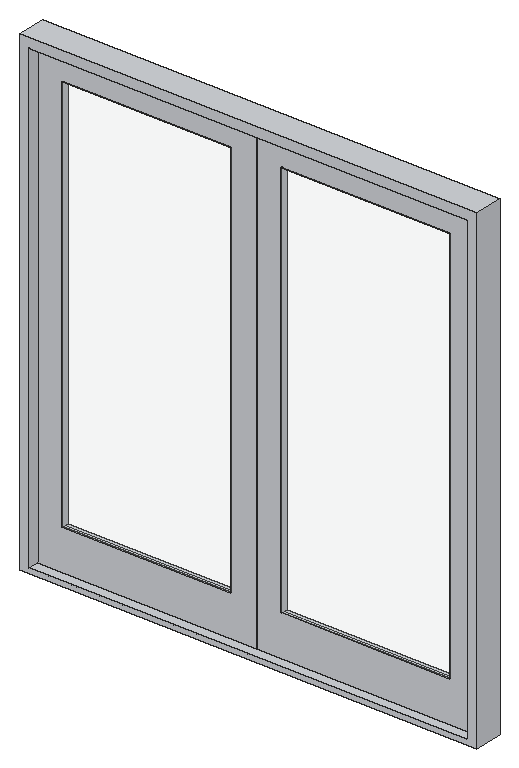
Revit family "PHLS Double Door", category Doors, host Wall, Revit 2018
Family settings
  Host = Wall
  OmniClass Number = 23.30.10.00
  OmniClass Title = Doors
  Always vertical = Yes
  Cut with Voids When Loaded = No
  Shared = No
  Room Calculation Point = No
Parameters
  Transom t2 Width [instance] = 0 mm
  Transom t1 Width [instance] = 0 mm
  Transom t Width [instance] = 0 mm
  Top Rail Width [instance] = 110 mm
  Top Frame Width Operable [instance] = 0 mm
  Top Frame Width [instance] = 150 mm
  Threshold Width [instance] = 0 mm
  Swing Outward Right [instance] = if(or(not(Swing Outward), not(Door Opening Symbol Right Hung)), 1 = 2, 1 = 1)  # no
  Swing Outward Left [instance] = if(or(not(Swing Outward), not(Door Opening Symbol Left Hung)), 1 = 2, 1 = 1)  # no
  Swing Outward [instance] = no
  Swing Inward Right [instance] = if(or(not(Swing Inward), not(Door Opening Symbol Right Hung)), 1 = 2, 1 = 1)  # no
  Swing Inward Left [instance] = if(or(not(Swing Inward), not(Door Opening Symbol Left Hung)), 1 = 2, 1 = 1)  # no
  Swing Inward [instance] = not(Swing Outward)  # yes
  Right Stile Width [instance] = 110 mm
  Right Frame Width Operable [instance] = 0 mm
  Right Frame Width [instance] = 150 mm
  PHPP oReveal Right Side [instance] = 250 mm
  PHPP oReveal Left Side [instance] = 500 mm
  PHPP dReveal Right Side [instance] = 250 mm
  PHPP dReveal Left Side [instance] = 500 mm
  PHPP Window reveal depth [instance] = ((PHPP oReveal Left Side) + (PHPP oReveal Right Side)) / 2  # 375 mm
  PHPP U-Value [instance] = 0
  PHPP Threshold [instance] = if(Threshold Width > 10 mm, Width, 0 mm)  # 0 mm
  PHPP Regulated / transparent [instance] = no
  PHPP Reduction factor z for temporary sun protection [instance] = ""
  PHPP Overhang depth [instance] = 1000 mm
  PHPP Mullion length fm [instance] = Height  # 2100 mm
  PHPP Installation situation top [instance] = "1"
  PHPP Installation situation right [instance] = "1"
  PHPP Installation situation left [instance] = "1"
  PHPP Installation situation bottom [instance] = "1"
  PHPP Horizontal distance [instance] = 2000 mm
  PHPP Height of shading object [instance] = 2000 mm
  PHPP Glazing [instance] = ""
  PHPP Frame [instance] = ""
  PHPP Distance glazing to reveal [instance] = ((PHPP dReveal Left Side) + (PHPP dReveal Right Side)) / 2  # 375 mm
  PHPP Distance glazing to overhang [instance] = 1000 mm
  PHPP Description [instance] = ""
  Solid Door Leaf [instance] = if([PHPP U-Value] > 0, 1 < 2, 2 < 1)  # no
  PHPP Comfort exemption [instance] = no
  PHPP Additional reduction factor winter shading [instance] = ""
  PHPP Additional reduction factor summer shading [instance] = ""
  PHLS Familiy Object Version = "1.0 - December 2023"
  Not Solid Door Leaf [instance] = not(Solid Door Leaf)  # yes
  Mullion m2 Width [instance] = 0 mm
  Mullion m1 Width [instance] = 0 mm
  Mullion m Width [instance] = 0 mm
  Mullion fm Width Constraint [instance] = if(and(Mullion fm Width > 10 mm, Mullion fm Width < (Width - Right Frame Width Constraint - Left Frame Width Constraint)), Mullion fm Width, Left Stile Width Constraint + Right Stile Width Constraint)  # 220 mm
  Mullion fm Width [instance] = 0 mm
  Left Stile Width [instance] = 110 mm
  Left Frame Width Operable [instance] = 0 mm
  Left Frame Width [instance] = 150 mm
  Glass Setback [instance] = 120 mm
  Door Opening Symbol Right Hung [instance] = no
  Top Rail Width Constraint [instance] = if(Top Rail Width < 5 mm, 5 mm, if(and(not(Top Rail Width < Top Frame Width Operable - 5 mm), not(Top Frame Width Operable < 10 mm)), Top Frame Width Operable - 10 mm, if(and(Top Frame Width Operable < 10 mm, not(Top Rail Width < Top Frame Width - 5 mm), not(Top Frame Width < 10 mm)), Top Frame Width - 10 mm, if(and(Top Rail Width > Top Frame Width, Top Rail Width > Top Frame Width Operable), 5 mm, Top Rail Width))))  # 110 mm
  Top Frame Width Constraint [instance] = if(Top Frame Width Operable > 10 mm, Top Frame Width Operable, if(Top Frame Width < 10 mm, 10 mm, Top Frame Width))  # 150 mm
  Door Leaf Symbol Extent Right [instance] = Door Leaf Meeting Point Constraint - (Right Frame Width Constraint - Right Stile Width Constraint)  # 960 mm
  Door Leaf Symbol Extent Left [instance] = (Width - Door Leaf Meeting Point Constraint) - (Left Frame Width Constraint - Left Stile Width Constraint)  # 960 mm
  Door Leaf Setback [instance] = 100 mm
  Door Opening Symbol Left Hung [instance] = no
  Door Leaf Meeting Point From Right Side [instance] = 0 mm
  Door Leaf Meeting Point Constraint [instance] = if(and(Door Leaf Meeting Point From Right Side > Right Frame Width Constraint, Door Leaf Meeting Point From Right Side < (Width - Left Frame Width Constraint)), Door Leaf Meeting Point From Right Side, Width / 2)  # 1000 mm
  Door Leaf Material [instance] = none
  Door Leaf Depth [instance] = 30 mm
  Right Stile Width Constraint [instance] = if(Right Stile Width < 5 mm, 5 mm, if(and(not(Right Stile Width < Right Frame Width Operable - 5 mm), not(Right Frame Width Operable < 10 mm)), Right Frame Width Operable - 10 mm, if(and(Right Frame Width Operable < 10 mm, not(Right Stile Width < Right Frame Width - 5 mm), not(Right Frame Width < 10 mm)), Right Frame Width - 10 mm, if(and(Right Stile Width > Right Frame Width, Right Stile Width > Right Frame Width Operable), 5 mm, Right Stile Width))))  # 110 mm
  Right Frame Width Constraint [instance] = if(Right Frame Width Operable > 10 mm, Right Frame Width Operable, if(Right Frame Width < 10 mm, 10 mm, Right Frame Width))  # 150 mm
  Left Stile Width Constraint [instance] = if(Left Stile Width < 5 mm, 5 mm, if(and(not(Left Stile Width < Left Frame Width Operable - 5 mm), not(Left Frame Width Operable < 10 mm)), Left Frame Width Operable - 10 mm, if(and(Left Frame Width Operable < 10 mm, not(Left Stile Width < Left Frame Width - 5 mm), not(Left Frame Width < 10 mm)), Left Frame Width - 10 mm, if(and(Left Stile Width > Left Frame Width, Left Stile Width > Left Frame Width Operable), 5 mm, Left Stile Width))))  # 110 mm
  Left Frame Width Constraint [instance] = if(Left Frame Width Operable > 10 mm, Left Frame Width Operable, if(Left Frame Width < 10 mm, 10 mm, Left Frame Width))  # 150 mm
  Height [instance] = 2100 mm
  Glass Thickness [instance] = 14.974 mm
  Glass Setback Constraint [instance] = if(Glass Setback < Door Leaf Setback, Door Leaf Setback, if(Glass Setback > Door Leaf Setback + Door Leaf Depth, Door Leaf Setback + Door Leaf Depth - Glass Thickness, Glass Setback))  # 120 mm
  Glass Material [instance] = Glass
  Frame Setback [instance] = 50 mm
  Frame Material [instance] = none
  Frame Depth [instance] = 125 mm
  Default Sill Height = 0 mm
  Wall Closure = By host
  Width [instance] = 2000 mm
  Bottom Rail Width Constraint [instance] = if(Bottom Rail Width < 5 mm, 5 mm, if(and(not(Bottom Rail Width < Bottom Frame Width Operable - 5 mm), not(Bottom Frame Width Operable < 10 mm)), Bottom Frame Width Operable - 10 mm, if(and(Bottom Frame Width Operable < 10 mm, Threshold Width < 10 mm, not(Bottom Rail Width < Bottom Frame Width - 5 mm), not(Bottom Frame Width < 10 mm)), Bottom Frame Width - 10 mm, if(and(Bottom Rail Width > Bottom Frame Width, Bottom Rail Width > Bottom Frame Width Operable, Bottom Rail Width > Threshold Width), 5 mm, Bottom Rail Width))))  # 180 mm
  Bottom Rail Width [instance] = 180 mm
  Bottom Frame Width Operable [instance] = 0 mm
  Bottom Frame Width Constraint [instance] = if(Threshold Width > 10 mm, Threshold Width, if(Bottom Frame Width Operable > 10 mm, Bottom Frame Width Operable, if(Bottom Frame Width < 10 mm, 10 mm, Bottom Frame Width)))  # 200 mm
  Shading Guides and Labels Visible [instance] = yes
  Bottom Frame Width [instance] = 200 mm
  Analytic Construction = "<None>"
Reference planes
  plane 1 "Center (Front/Back)": y = 0
  plane 2 "Center (Left/Right)": x = 0
  plane 3 "Left": x = -1000
  plane 4 "Right": x = 1000
  plane 5 "Sill": z = 0
  plane 6 "Head": z = 2100
  plane 7 "Exterior": y = 100
  plane 8 "Interior": y = -100
  plane 9 "Left Frame Overall": x = -850
  plane 10 "Right Frame Overall": x = 850
  plane 11 "Top Frame Overall": z = 1950
  plane 12 "Bottom Frame Overall": z = 200
  plane 13 "Frame Setback": y = 50
  plane 14 "Frame Depth": y = -75
  plane 15 "Glass Setback": y = -20
  plane 16 "Left Stile": x = -960
  plane 17 "Right Stile": x = 960
  plane 18 "Top Sash": z = 2060
  plane 19 "Bottom Sash": z = 20
  plane 20 "Door Leaf Setback": y = 0
  plane 21 "Door Leaf Depth": y = -30
  plane 22 "Glass Thickness": y = -34.974
  plane 23 "Height of Horizontal Shading": z = 2200
  plane 24 "Distance toHorizontal Shading": y = 1980
  plane 25 "Right Frame to Wall Opening": x = 1000
  plane 26 "Left Frame to Wall Opening": x = -1000
  plane 27 "Top Frame to Wall Opening": z = 2100
  plane 28 "Bottom Frame to Wall Opening": z = 0
  plane 29 "oReveal Left": y = 480
  plane 30 "oReveal Right": y = 230
  plane 31 "dReveal Left": x = -1350
  plane 32 "dReveal Right": x = 1100
  plane 33 "Distance to Overhang": y = 980
  plane 34 "Height of Overhang": z = 2950
  plane 35 "Center (Top/Bottom)": z = 1050
  plane 36 "Door Leaf Symbol Extent Left": y = 960
  plane 37 "Door Leaf Symbol Left": x = -930
  plane 38 "Door Leaf Symbol Right": x = 930
  plane 39 "Door Leaf Symbol Extent Right": y = 960
  plane 40 "15": y = -990
  plane 41 "16": y = -990
  plane 42 "Door Leaf Meeting Point": x = 0
  plane 43 "Mullion Width Right": x = 110
  plane 44 "Mullion Width Left": x = -110
Forms (mm)
  Extrusion 1, solid, material <- "Frame Material", visible <- "Not Solid Door Leaf"
    sketch origin (0, 0, 0) x (1, 0, 0) y (0, 1, 0)
      loop
        line (-850, 0) -> (-960, 0) -> (-960, -30) -> (-850, -30) -> (-850, 0)
    from 20 to 2060
  Extrusion 2, solid, material <- "Frame Material", visible <- "Not Solid Door Leaf"
    sketch origin (260, 0, 0) x (1, 0, 0) y (0, 1, 0)
      loop
        line (700, 0) -> (590, 0) -> (590, -30) -> (700, -30) -> (700, 0)
    from 20 to 2060
  Extrusion 3, solid, material <- "Frame Material", visible <- "Not Solid Door Leaf"
    sketch origin (-1000, 0, 0) x (0, -1, 0) y (0, 0, 1)
      loop
        line (0, 2060) -> (0, 1950) -> (30, 1950) -> (30, 2060) -> (0, 2060)
    from -1960 to -1000
  Extrusion 4, solid, material <- "Frame Material", visible <- "Not Solid Door Leaf"
    sketch origin (-1000, 0, -1160) x (0, -1, 0) y (0, 0, 1)
      loop
        line (0, 1360) -> (0, 1180) -> (30, 1180) -> (30, 1360) -> (0, 1360)
    from -1960 to -1000
  Extrusion 5, solid, material "Glass" <- "Glass Material", visible <- "Not Solid Door Leaf"
    sketch origin (0, 100, 0) x (1, 0, 0) y (0, 0, 1)
      loop
        line (-110, 1950) -> (-850, 1950) -> (-850, 200) -> (-110, 200) -> (-110, 1950)
    from 120 to 134.974
  Extrusion 6, solid, material <- "Frame Material"
    sketch origin (0, 0, 0) x (1, 0, 0) y (0, 1, 0)
      loop
        line (-1000, 50) -> (-1000, -75) -> (-960, -75) -> (-960, 50) -> (-1000, 50)
    from 0 to 2100
  Extrusion 7, solid, material <- "Frame Material"
    sketch origin (240, 0, 0) x (1, 0, 0) y (0, 1, 0)
      loop
        line (720, 50) -> (720, -75) -> (760, -75) -> (760, 50) -> (720, 50)
    from 0 to 2100
  Extrusion 8, solid, material <- "Frame Material"
    sketch origin (-1000, 0, 0) x (0, -1, 0) y (0, 0, 1)
      loop
        line (-50, 2100) -> (-50, 2060) -> (75, 2060) -> (75, 2100) -> (-50, 2100)
    from -2000 to 0
  Extrusion 9, solid, material <- "Frame Material"
    sketch origin (-1000, 0, 0) x (0, -1, 0) y (0, 0, 1)
      loop
        line (-50, 20) -> (-50, 0) -> (75, 0) -> (75, 20) -> (-50, 20)
    from -2000 to 0
  Extrusion 10, solid, material <- "Door Leaf Material", visible <- "Solid Door Leaf"
    sketch origin (0, 100, 0) x (1, 0, 0) y (0, 0, 1)
      loop
        line (0, 2060) -> (-960, 2060) -> (-960, 20) -> (0, 20) -> (0, 2060)
    from 100 to 130
  Extrusion 11, solid, material <- "Frame Material", visible <- "Not Solid Door Leaf"
    sketch origin (-340, 0, 0) x (1, 0, 0) y (0, 1, 0)
      loop
        line (450, 0) -> (340, 0) -> (340, -30) -> (450, -30) -> (450, 0)
    from 20 to 2060
  Extrusion 12, solid, material <- "Frame Material", visible <- "Not Solid Door Leaf"
    sketch origin (-520, 0, 0) x (1, 0, 0) y (0, 1, 0)
      loop
        line (520, 0) -> (410, 0) -> (410, -30) -> (520, -30) -> (520, 0)
    from 20 to 2060
  Extrusion 13, solid, material <- "Frame Material", visible <- "Not Solid Door Leaf"
    sketch origin (-1000, 0, 0) x (0, -1, 0) y (0, 0, 1)
      loop
        line (0, 2060) -> (0, 1950) -> (30, 1950) -> (30, 2060) -> (0, 2060)
    from -1000 to -40
  Extrusion 14, solid, material <- "Frame Material", visible <- "Not Solid Door Leaf"
    sketch origin (-1000, 0, -1160) x (0, -1, 0) y (0, 0, 1)
      loop
        line (0, 1360) -> (0, 1180) -> (30, 1180) -> (30, 1360) -> (0, 1360)
    from -1000 to -40
  Extrusion 15, solid, material "Glass" <- "Glass Material", visible <- "Not Solid Door Leaf"
    sketch origin (500, 100, 0) x (-1, 0, 0) y (0, 0, -1)
      loop
        line (390, -1950) -> (390, -200) -> (-350, -200) -> (-350, -1950) -> (390, -1950)
    from 120 to 134.974
  Extrusion 16, solid, material <- "Door Leaf Material", visible <- "Solid Door Leaf"
    sketch origin (500, 100, 0) x (-1, 0, 0) y (0, 0, -1)
      loop
        line (500, -2060) -> (500, -20) -> (-460, -20) -> (-460, -2060) -> (500, -2060)
    from 100 to 130
Cuts and joins
  joined: Extrusion 6, Extrusion 7, Extrusion 8, Extrusion 9
  joined: Extrusion 2, Extrusion 3, Extrusion 4, Extrusion 11
  joined: Extrusion 1, Extrusion 12, Extrusion 13, Extrusion 14
Lines and regions (mm)
  Opening 1
    outline origin (3500, -100, 0) x (1, 0, 0) y (0, 0, 1)
      loop
        line (-2500, 0) -> (-2500, 2100) -> (-4500, 2100) -> (-4500, 0) -> (-2500, 0)
  Masking region 1, visible <- "Swing Outward Left"
    outline origin (0, 0, 0) x (1, 0, 0) y (0, 1, 0)
      loop
        line (-960, 960) -> (-960, 0) -> (-930, 0) -> (-930, 960) -> (-960, 960)
  Masking region 2, visible <- "Swing Outward Right"
    outline origin (885, 0, 0) x (1, 0, 0) y (0, 1, 0)
      loop
        line (45, 960) -> (45, 0) -> (75, 0) -> (75, 960) -> (45, 960)
  Masking region 3, visible <- "Swing Inward Left"
    outline origin (0, -960, 0) x (1, 0, 0) y (0, 1, 0)
      loop
        line (-960, 930) -> (-960, -30) -> (-930, -30) -> (-930, 930) -> (-960, 930)
  Masking region 4, visible <- "Swing Inward Right"
    outline origin (885, -960, 0) x (1, 0, 0) y (0, 1, 0)
      loop
        line (45, 930) -> (45, -30) -> (75, -30) -> (75, 930) -> (45, 930)
  symbolic lines, visible <- "Shading Guides and Labels Visible"
    curve 1: line (-1000, 1980, 0) -> (1000, 1980, 0)
    curve 2: line (1000, 100, 2200) -> (-1000, 100, 2200)
    curve 3: line (-1000, 2480, 2200) -> (-1000, 1880, 2200)
    curve 4: line (-1000, 1980, 200) -> (-1000, 1980, 2300)
    curve 5: line (-1850, 480, 0) -> (-1250, 480, 0)
    curve 6: line (1600, 230, 0) -> (1000, 230, 0)
    curve 7: line (-1350, -20, 0) -> (-1350, 580, 0)
    curve 8: line (1100, -20, 0) -> (1100, 330, 0)
    curve 9: line (-1000, 1080, 2950) -> (-1000, -20, 2950)
    curve 10: line (-1000, 980, 2850) -> (-1000, 980, 3450)
    curve 11: line (-1000, 980, 0) -> (1000, 980, 0)
    curve 12: line (1000, 100, 2950) -> (-1000, 100, 2950)
    curve 13: line (1100, 100, 200) -> (1100, 100, 1950)
    curve 14: line (-1350, 100, 1950) -> (-1350, 100, 200)
    curve 15: line (-1000, 480, 200) -> (-1000, 480, 1950)
    curve 16: line (-1000, 230, 200) -> (-1000, 230, 1950)
  symbolic lines, visible <- "Door Opening Symbol Right Hung"
    curve 17: line (960, 100, 2060) -> (0, 100, 1050)
    curve 18: line (960, 100, 20) -> (0, 100, 1050)
  symbolic lines, visible <- "Door Opening Symbol Left Hung"
    curve 19: line (-960, 100, 2060) -> (0, 100, 1050)
    curve 20: line (-960, 100, 20) -> (0, 100, 1050)
  symbolic lines, style "DoorsPanelProjection", visible <- "Swing Outward Right"
    curve 21: arc (0, 0, 0) -> (270.489, 668.432, 0) -> (930, 960, 0) r 960
  symbolic lines, style "DoorsPanelProjection", visible <- "Swing Inward Right"
    curve 22: arc (930, -990, 0) -> (270.489, -698.432, 0) -> (0, -30, 0) r 960
  symbolic lines, style "DoorsPanelProjection", visible <- "Swing Outward Left"
    curve 23: arc (0, 0, 0) -> (-270.489, 668.432, 0) -> (-930, 960, 0) r 960
  symbolic lines, style "DoorsPanelProjection", visible <- "Swing Inward Left"
    curve 24: arc (0, -30, 0) -> (-270.489, -698.432, 0) -> (-930, -990, 0) r 960
Text (mm)
  text "EXTERIOR" at (-1963.203, 1332.353, 0), in view "Ref. Level"
  text "INTERIOR" at (-1981.466, -818.386, 0), in view "Ref. Level"
  text "Exterior" at (0, 923.751, 2943.296), in view "Right"
  text "Exterior" at (0, 1040.484, 2685.409), in view "Left"
Dimensions and locks
  equal spacing: plane 3 "Left", plane 2 "Center (Left/Right)", plane 4 "Right"
  "Width": plane 3 "Left" to plane 4 "Right"
  "Height": plane 5 "Sill" to plane 6 "Head"
  "Default Sill Height": plane 5 "Sill" to level
  locked: plane 7 "Exterior" to host wall at 0
  locked: plane 8 "Interior" to host wall
  "Left Frame Width Constraint": plane 26 "Left Frame to Wall Opening" to plane 9 "Left Frame Overall"
  "Right Frame Width Constraint": plane 10 "Right Frame Overall" to plane 25 "Right Frame to Wall Opening"
  "Bottom Frame Width Constraint": plane 28 "Bottom Frame to Wall Opening" to plane 12 "Bottom Frame Overall"
  "Glass Setback Constraint": plane 15 "Glass Setback" to plane 7 "Exterior"
  "Frame Setback": plane 13 "Frame Setback" to plane 7 "Exterior"
  "Frame Depth": plane 13 "Frame Setback" to plane 14 "Frame Depth"
  "Bottom Rail Width Constraint": plane 19 "Bottom Sash" to plane 12 "Bottom Frame Overall"
  "Top Rail Width Constraint": plane 11 "Top Frame Overall" to plane 18 "Top Sash"
  "Right Stile Width Constraint": plane 10 "Right Frame Overall" to plane 17 "Right Stile"
  "Left Stile Width Constraint": plane 16 "Left Stile" to plane 9 "Left Frame Overall"
  "Door Leaf Setback": plane 20 "Door Leaf Setback" to plane 7 "Exterior"
  "Door Leaf Depth": plane 20 "Door Leaf Setback" to plane 21 "Door Leaf Depth"
  "Glass Thickness": plane 15 "Glass Setback" to plane 22 "Glass Thickness"
  "PHPP Horizontal distance": plane 24 "Distance toHorizontal Shading" to plane 15 "Glass Setback"
  "PHPP Height of shading object": plane 12 "Bottom Frame Overall" to plane 23 "Height of Horizontal Shading"
  "Top Frame Width Constraint": plane 11 "Top Frame Overall" to plane 27 "Top Frame to Wall Opening"
  locked: curve 3 to plane 24 "Distance toHorizontal Shading" at 500
  "PHPP oReveal Left Side": plane 29 "oReveal Left" to plane 15 "Glass Setback"
  "PHPP oReveal Right Side": plane 30 "oReveal Right" to plane 15 "Glass Setback"
  "PHPP dReveal Left Side": plane 31 "dReveal Left" to plane 9 "Left Frame Overall"
  locked: curve 5 to plane 31 "dReveal Left" at 500
  curve 7 to plane 29 "oReveal Left" = 100 mm
  locked: plane 29 "oReveal Left" to nested 4 at 250
  locked: curve 8 to plane 30 "oReveal Right" at 100
  locked: plane 32 "dReveal Right" to curve 6 at 500
  locked: plane 30 "oReveal Right" to nested 5 at 249.713
  "PHPP dReveal Right Side": plane 10 "Right Frame Overall" to plane 32 "dReveal Right"
  locked: plane 31 "dReveal Left" to curve 5 at 100
  "PHPP Overhang depth": plane 33 "Distance to Overhang" to plane 15 "Glass Setback"
  "PHPP Distance glazing to overhang": plane 11 "Top Frame Overall" to plane 34 "Height of Overhang"
  curve 9 to plane 33 "Distance to Overhang" to nested 11 = 100 mm locked, 150 mm locked
  locked: curve 4 to plane 23 "Height of Horizontal Shading" at 100
  equal spacing: plane 5 "Sill", plane 35 "Center (Top/Bottom)", plane 6 "Head"
  locked: nested 7 to plane 31 "dReveal Left" at 50
  locked: nested 2 to plane 31 "dReveal Left" at 250
  locked: curve 6 to plane 32 "dReveal Right" at 100
  locked: plane 32 "dReveal Right" to nested 3 at 250
  locked: nested 13 to plane 24 "Distance toHorizontal Shading" at 150
  locked: plane 23 "Height of Horizontal Shading" to nested 12 at 150
  locked: plane 24 "Distance toHorizontal Shading" to curve 3 at 100
  locked: curve 10 to plane 34 "Height of Overhang" at 500
  locked: plane 34 "Height of Overhang" to curve 10 at 100
  locked: nested 9 to plane 34 "Height of Overhang" at 150
  "Door Leaf Depth": plane 16 "Left Stile" to plane 37 "Door Leaf Symbol Left"
  "Door Leaf Depth": plane 38 "Door Leaf Symbol Right" to plane 17 "Right Stile"
  "Door Leaf Symbol Extent Left": plane 36 "Door Leaf Symbol Extent Left" to plane 20 "Door Leaf Setback"
  "Door Leaf Symbol Extent Right": plane 39 "Door Leaf Symbol Extent Right" to plane 20 "Door Leaf Setback"
  "Door Leaf Symbol Extent Left": plane 21 "Door Leaf Depth" to plane 40 "15"
  "Door Leaf Symbol Extent Right": plane 21 "Door Leaf Depth" to plane 41 "16"
  "Door Leaf Meeting Point Constraint": plane 42 "Door Leaf Meeting Point" to plane 4 "Right"
  equal spacing: plane 44 "Mullion Width Left", plane 42 "Door Leaf Meeting Point", plane 43 "Mullion Width Right"
  "Mullion fm Width Constraint": plane 44 "Mullion Width Left" to plane 43 "Mullion Width Right"
  "Door Leaf Symbol Extent Right": radius of curve 21
  "Door Leaf Symbol Extent Right": radius of curve 22
  "Door Leaf Symbol Extent Left": radius of curve 23
  "Door Leaf Symbol Extent Left": radius of curve 24
  aligned and locked: Extrusion 1 sketch curve to plane 9 "Left Frame Overall"
  aligned and locked: plane 16 "Left Stile" to Extrusion 1 sketch curve
  aligned and locked: plane 20 "Door Leaf Setback" to Extrusion 1 sketch curve
  aligned and locked: Extrusion 1 sketch curve to plane 21 "Door Leaf Depth"
  aligned and locked: plane 19 "Bottom Sash" to Extrusion 1
  aligned and locked: Extrusion 1 to plane 18 "Top Sash"
  aligned and locked: Extrusion 2 to plane 18 "Top Sash"
  aligned and locked: plane 19 "Bottom Sash" to Extrusion 2
  aligned and locked: Extrusion 2 sketch curve to plane 17 "Right Stile"
  aligned and locked: plane 10 "Right Frame Overall" to Extrusion 2 sketch curve
  aligned and locked: plane 21 "Door Leaf Depth" to Extrusion 2 sketch curve
  aligned and locked: Extrusion 2 sketch curve to plane 20 "Door Leaf Setback"
  aligned and locked: Extrusion 3 sketch curve to plane 11 "Top Frame Overall"
  aligned and locked: plane 18 "Top Sash" to Extrusion 3 sketch curve
  aligned and locked: plane 21 "Door Leaf Depth" to Extrusion 3 sketch curve
  aligned and locked: Extrusion 3 sketch curve to plane 20 "Door Leaf Setback"
  aligned and locked: Extrusion 3 to plane 17 "Right Stile"
  aligned and locked: Extrusion 4 to plane 17 "Right Stile"
  aligned and locked: Extrusion 4 sketch curve to plane 20 "Door Leaf Setback"
  aligned and locked: plane 21 "Door Leaf Depth" to Extrusion 4 sketch curve
  aligned and locked: plane 12 "Bottom Frame Overall" to Extrusion 4 sketch curve
  aligned and locked: Extrusion 4 sketch curve to plane 19 "Bottom Sash"
  aligned and locked: plane 11 "Top Frame Overall" to Extrusion 5 sketch curve
  aligned and locked: Extrusion 5 sketch curve to plane 12 "Bottom Frame Overall"
  aligned and locked: Extrusion 5 sketch curve to plane 9 "Left Frame Overall"
  aligned and locked: plane 15 "Glass Setback" to Extrusion 5
  aligned and locked: Extrusion 5 to plane 22 "Glass Thickness"
  aligned and locked: Extrusion 9 sketch curve to plane 13 "Frame Setback"
  aligned and locked: plane 14 "Frame Depth" to Extrusion 9 sketch curve
  aligned and locked: Extrusion 9 sketch curve to plane 5 "Sill"
  aligned and locked: plane 19 "Bottom Sash" to Extrusion 9 sketch curve
  aligned and locked: cut or joined group of Extrusion 6, Extrusion 7, Extrusion 8, Extrusion 9 to plane 4 "Right"  (x2)
  aligned and locked: plane 3 "Left" to cut or joined group of Extrusion 6, Extrusion 7, Extrusion 8, Extrusion 9  (x2)
  aligned and locked: Extrusion 8 sketch curve to plane 13 "Frame Setback"
  aligned and locked: plane 14 "Frame Depth" to Extrusion 8 sketch curve
  aligned and locked: Extrusion 8 sketch curve to plane 18 "Top Sash"
  aligned and locked: plane 4 "Right" to Extrusion 7 sketch curve
  aligned and locked: Extrusion 7 sketch curve to plane 14 "Frame Depth"
  aligned and locked: plane 13 "Frame Setback" to Extrusion 7 sketch curve
  aligned and locked: Extrusion 7 sketch curve to plane 17 "Right Stile"
  aligned and locked: cut or joined group of Extrusion 6, Extrusion 7, Extrusion 8, Extrusion 9 to plane 6 "Head"  (x2)
  aligned and locked: plane 5 "Sill" to cut or joined group of Extrusion 6, Extrusion 7, Extrusion 8, Extrusion 9  (x2)
  aligned and locked: Extrusion 6 sketch curve to plane 3 "Left"
  aligned and locked: plane 14 "Frame Depth" to Extrusion 6 sketch curve
  aligned and locked: Extrusion 6 sketch curve to plane 13 "Frame Setback"
  aligned and locked: plane 16 "Left Stile" to Extrusion 6 sketch curve
  aligned and locked: plane 4 "Right" to plane 25 "Right Frame to Wall Opening"
  aligned and locked: plane 3 "Left" to plane 26 "Left Frame to Wall Opening"
  aligned and locked: curve 1 to plane 24 "Distance toHorizontal Shading"
  aligned and locked: curve 1 to plane 4 "Right"
  aligned and locked: plane 3 "Left" to curve 2
  aligned and locked: plane 4 "Right" to curve 2
  aligned and locked: curve 2 to plane 23 "Height of Horizontal Shading"
  aligned and locked: curve 4 to plane 24 "Distance toHorizontal Shading"
  aligned and locked: plane 2 "Center (Left/Right)" to nested 1
  aligned and locked: plane 27 "Top Frame to Wall Opening" to plane 6 "Head"
  aligned and locked: plane 28 "Bottom Frame to Wall Opening" to plane 5 "Sill"
  aligned and locked: curve 5 to plane 29 "oReveal Left"
  aligned and locked: curve 6 to plane 30 "oReveal Right"
  aligned and locked: plane 30 "oReveal Right" to nested 3
  aligned and locked: nested 1 to plane 24 "Distance toHorizontal Shading"
  aligned and locked: curve 7 to plane 31 "dReveal Left"
  aligned and locked: nested 4 to plane 31 "dReveal Left"
  aligned and locked: curve 8 to plane 32 "dReveal Right"
  aligned and locked: plane 32 "dReveal Right" to nested 5
  aligned and locked: nested 2 to plane 29 "oReveal Left"
  aligned and locked: plane 15 "Glass Setback" to curve 7
  aligned and locked: curve 8 to plane 15 "Glass Setback"
  aligned and locked: curve 9 to plane 34 "Height of Overhang"
  aligned and locked: plane 15 "Glass Setback" to curve 9
  aligned and locked: curve 10 to plane 33 "Distance to Overhang"
  aligned and locked: curve 4 to plane 12 "Bottom Frame Overall"
  aligned and locked: curve 3 to plane 23 "Height of Horizontal Shading"
  aligned and locked: plane 2 "Center (Left/Right)" to nested 6
  aligned and locked: nested 6 to plane 33 "Distance to Overhang"
  aligned and locked: curve 11 to plane 3 "Left"
  aligned and locked: curve 11 to plane 4 "Right"
  aligned and locked: curve 11 to plane 33 "Distance to Overhang"
  aligned and locked: plane 4 "Right" to curve 12
  aligned and locked: plane 3 "Left" to curve 12
  aligned and locked: curve 12 to plane 34 "Height of Overhang"
  aligned and locked: plane 12 "Bottom Frame Overall" to curve 13
  aligned and locked: plane 11 "Top Frame Overall" to curve 13
  aligned and locked: curve 13 to plane 32 "dReveal Right"
  aligned and locked: plane 32 "dReveal Right" to nested 8
  aligned and locked: nested 8 to plane 35 "Center (Top/Bottom)"
  aligned and locked: nested 7 to plane 35 "Center (Top/Bottom)"
  aligned and locked: plane 34 "Height of Overhang" to nested 10
  aligned and locked: nested 10 to plane 2 "Center (Left/Right)"
  aligned and locked: nested 9 to plane 33 "Distance to Overhang"
  aligned and locked: nested 11 to plane 34 "Height of Overhang"
  aligned and locked: nested 12 to plane 24 "Distance toHorizontal Shading"
  aligned and locked: nested 14 to plane 2 "Center (Left/Right)"
  aligned and locked: plane 23 "Height of Horizontal Shading" to nested 14
  aligned and locked: nested 13 to plane 23 "Height of Horizontal Shading"
  aligned and locked: plane 11 "Top Frame Overall" to curve 14
  aligned and locked: plane 12 "Bottom Frame Overall" to curve 14
  aligned and locked: curve 14 to plane 31 "dReveal Left"
  aligned and locked: curve 16 to plane 30 "oReveal Right"
  aligned and locked: nested 15 to plane 30 "oReveal Right"
  aligned and locked: curve 15 to plane 29 "oReveal Left"
  aligned and locked: nested 16 to plane 29 "oReveal Left"
  aligned and locked: plane 35 "Center (Top/Bottom)" to nested 15
  aligned and locked: plane 35 "Center (Top/Bottom)" to nested 16
  aligned and locked: plane 11 "Top Frame Overall" to curve 16
  aligned and locked: plane 11 "Top Frame Overall" to curve 15
  aligned and locked: plane 12 "Bottom Frame Overall" to curve 16
  aligned and locked: plane 12 "Bottom Frame Overall" to curve 15
  aligned and locked: plane 17 "Right Stile" to curve 18
  aligned and locked: plane 19 "Bottom Sash" to curve 18
  aligned and locked: plane 16 "Left Stile" to curve 20
  aligned and locked: plane 19 "Bottom Sash" to curve 20
  aligned and locked: plane 17 "Right Stile" to curve 17
  aligned and locked: plane 18 "Top Sash" to curve 17
  aligned and locked: plane 16 "Left Stile" to curve 19
  aligned and locked: plane 18 "Top Sash" to curve 19
  aligned and locked: plane 19 "Bottom Sash" to Extrusion 10
  aligned and locked: plane 16 "Left Stile" to Extrusion 10
  aligned and locked: Extrusion 10 to plane 18 "Top Sash"
  aligned and locked: Extrusion 10 to plane 21 "Door Leaf Depth"
  aligned and locked: plane 20 "Door Leaf Setback" to Extrusion 10
  aligned and locked: Masking region 1 sketch curve to plane 37 "Door Leaf Symbol Left"
  aligned and locked: Masking region 1 sketch curve to plane 16 "Left Stile"
  aligned and locked: Masking region 1 sketch curve to plane 36 "Door Leaf Symbol Extent Left"
  aligned and locked: plane 20 "Door Leaf Setback" to Masking region 1 sketch curve
  aligned and locked: Masking region 2 sketch curve to plane 17 "Right Stile"
  aligned and locked: Masking region 2 sketch curve to plane 38 "Door Leaf Symbol Right"
  aligned and locked: plane 39 "Door Leaf Symbol Extent Right" to Masking region 2 sketch curve
  aligned and locked: Masking region 2 sketch curve to plane 20 "Door Leaf Setback"
  aligned and locked: plane 17 "Right Stile" to Masking region 4 sketch curve
  aligned and locked: Masking region 4 sketch curve to plane 38 "Door Leaf Symbol Right"
  aligned and locked: Masking region 4 sketch curve to plane 41 "16"
  aligned and locked: plane 21 "Door Leaf Depth" to Masking region 4 sketch curve
  aligned and locked: Masking region 3 sketch curve to plane 16 "Left Stile"
  aligned and locked: Masking region 3 sketch curve to plane 37 "Door Leaf Symbol Left"
  aligned and locked: plane 40 "15" to Masking region 3 sketch curve
  aligned and locked: Masking region 3 sketch curve to plane 21 "Door Leaf Depth"
  aligned and locked: plane 27 "Top Frame to Wall Opening" to Extrusion 8 sketch curve
  aligned and locked: plane 42 "Door Leaf Meeting Point" to curve 21
  aligned and locked: curve 21 to plane 38 "Door Leaf Symbol Right"
  aligned and locked: curve 21 to plane 39 "Door Leaf Symbol Extent Right"
  aligned and locked: plane 42 "Door Leaf Meeting Point" to curve 22
  aligned and locked: plane 21 "Door Leaf Depth" to curve 22
  aligned and locked: plane 38 "Door Leaf Symbol Right" to curve 22
  aligned and locked: curve 22 to plane 41 "16"
  aligned and locked: plane 36 "Door Leaf Symbol Extent Left" to curve 23
  aligned and locked: plane 37 "Door Leaf Symbol Left" to curve 23
  aligned and locked: plane 20 "Door Leaf Setback" to curve 23
  aligned and locked: plane 40 "15" to curve 24
  aligned and locked: plane 37 "Door Leaf Symbol Left" to curve 24
  aligned and locked: plane 21 "Door Leaf Depth" to curve 24
  aligned and locked: plane 42 "Door Leaf Meeting Point" to curve 24
  aligned and locked: plane 20 "Door Leaf Setback" to Extrusion 11 sketch curve
  aligned and locked: Extrusion 11 sketch curve to plane 21 "Door Leaf Depth"
  aligned and locked: Extrusion 11 sketch curve to plane 43 "Mullion Width Right"
  aligned and locked: plane 42 "Door Leaf Meeting Point" to Extrusion 11 sketch curve
  aligned and locked: Extrusion 11 to plane 18 "Top Sash"
  aligned and locked: plane 19 "Bottom Sash" to Extrusion 11
  aligned and locked: plane 42 "Door Leaf Meeting Point" to cut or joined group of Extrusion 2, Extrusion 3, Extrusion 4, Extrusion 11  (x2)
  aligned and locked: plane 20 "Door Leaf Setback" to Extrusion 12 sketch curve
  aligned and locked: Extrusion 12 sketch curve to plane 21 "Door Leaf Depth"
  aligned and locked: Extrusion 12 sketch curve to plane 42 "Door Leaf Meeting Point"
  aligned and locked: plane 44 "Mullion Width Left" to Extrusion 12 sketch curve
  aligned and locked: plane 19 "Bottom Sash" to Extrusion 12
  aligned and locked: Extrusion 12 to plane 18 "Top Sash"
  aligned and locked: Extrusion 13 sketch curve to plane 11 "Top Frame Overall"
  aligned and locked: plane 18 "Top Sash" to Extrusion 13 sketch curve
  aligned and locked: Extrusion 13 sketch curve to plane 20 "Door Leaf Setback"
  aligned and locked: plane 21 "Door Leaf Depth" to Extrusion 13 sketch curve
  aligned and locked: plane 12 "Bottom Frame Overall" to Extrusion 14 sketch curve
  aligned and locked: Extrusion 14 sketch curve to plane 19 "Bottom Sash"
  aligned and locked: Extrusion 14 sketch curve to plane 20 "Door Leaf Setback"
  aligned and locked: plane 21 "Door Leaf Depth" to Extrusion 14 sketch curve
  aligned and locked: Extrusion 14 to plane 42 "Door Leaf Meeting Point"
  aligned and locked: Extrusion 13 to plane 42 "Door Leaf Meeting Point"
  aligned and locked: plane 16 "Left Stile" to Extrusion 14
  aligned and locked: plane 16 "Left Stile" to Extrusion 13
  aligned and locked: plane 42 "Door Leaf Meeting Point" to curve 17
  aligned and locked: plane 35 "Center (Top/Bottom)" to curve 17
  aligned and locked: plane 44 "Mullion Width Left" to Extrusion 5 sketch curve
  aligned and locked: plane 43 "Mullion Width Right" to Extrusion 15 sketch curve
  aligned and locked: Extrusion 15 sketch curve to plane 10 "Right Frame Overall"
  aligned and locked: Extrusion 15 sketch curve to plane 11 "Top Frame Overall"
  aligned and locked: plane 12 "Bottom Frame Overall" to Extrusion 15 sketch curve
  aligned and locked: Extrusion 15 to plane 15 "Glass Setback"
  aligned and locked: Extrusion 15 to plane 22 "Glass Thickness"
  aligned and locked: Extrusion 10 sketch curve to plane 42 "Door Leaf Meeting Point"
  aligned and locked: Extrusion 16 sketch curve to plane 18 "Top Sash"
  aligned and locked: Extrusion 16 sketch curve to plane 42 "Door Leaf Meeting Point"
  aligned and locked: plane 19 "Bottom Sash" to Extrusion 16 sketch curve
  aligned and locked: Extrusion 16 sketch curve to plane 17 "Right Stile"
  aligned and locked: Extrusion 16 to plane 20 "Door Leaf Setback"
  aligned and locked: Extrusion 16 to plane 21 "Door Leaf Depth"
Automatic sketch dimensions
  Opening 1 sketch curve to level = 0 mm
  plane 3 "Left" to Opening 1 sketch curve = 0 mm
  plane 4 "Right" to Opening 1 sketch curve = 0 mm
  Opening 1 sketch curve to plane 6 "Head" = 0 mm
  plane 16 "Left Stile" to Extrusion 10 sketch curve = 0 mm
  Extrusion 10 sketch curve to plane 19 "Bottom Sash" = 0 mm
  Extrusion 10 sketch curve to plane 18 "Top Sash" = 0 mm
  curve 1 to plane 3 "Left" = 0 mm
Nested families
  nested 1: "dHori Text" at (0, 1980, 0), visible <- "Shading Guides and Labels Visible", type "dHori Text"
  nested 2: "oReveal Left Side Text" at (-1600, 480, 0), visible <- "Shading Guides and Labels Visible", type "oReveal Left Side Text"
  nested 3: "oReveal Right Side Text" at (1350, 230, 0), visible <- "Shading Guides and Labels Visible", type "oReveal Right Side Text"
  nested 4: "dReveal Left Side Text" at (-1350, 230, 0) x (0, 1, 0) z (0, 0, 1), visible <- "Shading Guides and Labels Visible", type "dReveal Left Side Text"
  nested 5: "dReveal Right Side Text" at (1100, -19.713, 0) x (0, -1, 0) z (0, 0, 1), visible <- "Shading Guides and Labels Visible", type "dReveal Right Side Text"
  nested 6: "oOver Text" at (0, 980, 0), visible <- "Shading Guides and Labels Visible", type "oOver Text"
  nested 7: "dReveal Left Side Text - Elevation" at (-1300, 100, 1050) x (0, 0, 1) z (0, -1, 0), visible <- "Shading Guides and Labels Visible", type "dReveal Left Side Text - Elevation"
  nested 8: "dReveal Right Side Text - Elevation" at (1100, 100, 1050) x (0, 0, 1) z (0, -1, 0), visible <- "Shading Guides and Labels Visible", type "dReveal Right Side Text - Elevation"
  nested 9: "oOver Text - Elevation" at (-1000, 980, 3100) x (0, 0, 1) z (-1, 0, 0), visible <- "Shading Guides and Labels Visible", type "oOver Text - Elevation"
  nested 10: "dOver Text - Elevation" at (0, 100, 2950) x (-1, 0, 0) z (0, -1, 0), visible <- "Shading Guides and Labels Visible", type "dOver Text - Elevation"
  nested 11: "dOver Text - Elevation" at (-1000, 830, 2950) x (0, -1, 0) z (-1, 0, 0), visible <- "Shading Guides and Labels Visible", type "dOver Text - Elevation"
  nested 12: "dHori Text - Elevation" at (-1000, 1980, 2050) x (0, 0, 1) z (-1, 0, 0), visible <- "Shading Guides and Labels Visible", type "dHori Text - Elevation"
  nested 13: "hHori Text - Elevation" at (-1000, 2130, 2200) x (0, -1, 0) z (-1, 0, 0), visible <- "Shading Guides and Labels Visible", type "hHori Text - Elevation"
  nested 14: "hHori Text - Elevation" at (0, 100, 2200) x (-1, 0, 0) z (0, -1, 0), visible <- "Shading Guides and Labels Visible", type "hHori Text - Elevation"
  nested 15: "oReveal Right Side Text - Elevation" at (-1000, 230, 1050) x (0, 0, 1) z (-1, 0, 0), visible <- "Shading Guides and Labels Visible", type "oReveal Right Side Text - Elevation"
  nested 16: "oReveal Left Side Text - Elevation" at (-1000, 480, 1050) x (0, 0, 1) z (-1, 0, 0), visible <- "Shading Guides and Labels Visible", type "oReveal Left Side Text - Elevation"
Definition of nested family "dHori Text"
  Reference planes
    plane 1: y = 0
    plane 2: x = 0
  Text (mm)
    text "PHPP dHori" at (0.078, -0.3, 0)
Definition of nested family "oReveal Left Side Text"
  Reference planes
    plane 1: y = 0
    plane 2: x = 0
  Text (mm)
    text "PHPP oReveal Left Side" at (0.118, 0.661, 0)
Definition of nested family "oReveal Right Side Text"
  Reference planes
    plane 1: y = 0
    plane 2: x = 0
  Text (mm)
    text "PHPP oReveal Right Side" at (0.011, 0.693, 0)
Definition of nested family "dReveal Left Side Text"
  Reference planes
    plane 1: y = 0
    plane 2: x = 0
  Text (mm)
    text "PHPP dReveal Left Side" at (0.065, -0.206, 0)
Definition of nested family "dReveal Right Side Text"
  Reference planes
    plane 1: y = 0
    plane 2: x = 0
  Text (mm)
    text "PHPP dReveal Right Side" at (0.143, -0.206, 0)
Definition of nested family "oOver Text"
  Reference planes
    plane 1: y = 0
    plane 2: x = 0
  Text (mm)
    text "PHPP oOver" at (0.078, 0.757, 0)
Definition of nested family "dReveal Left Side Text - Elevation"
  Reference planes
    plane 1 "Center (Front/Back)": y = 0
    plane 2: z = 0
    plane 3 "Center (Left/Right)": x = 0
  Lines and regions (mm)
    Filled region 1, type "Solid Fill - Blue", in view "Ref. Level"
      outline origin (0, 0, 0) x (1, 0, 0) y (0, 1, 0)
        loop
          line (-188.472, -33.793) -> (-185.05, -33.793) -> (-182.961, -23.613) -> (-175.674, -23.613)
          spline (-175.674, -23.613) -> (-171.33, -22.908) -> (-169.791, -22.309) -> (-168.405, -21.311) -> (-167.201, -20.024) -> (-166.317, -18.518) -> (-165.768, -16.888) -> (-165.579, -15.289) -> (-165.618, -13.63) -> (-166.119, -11.979) -> (-167.07, -10.588) -> (-168.322, -9.573) -> (-171.627, -8.762)
          line (-171.627, -8.762) -> (-183.335, -8.762) -> (-188.472, -33.793)
        loop
          line (-180.453, -11.396) -> (-182.387, -20.819) -> (-175.67, -20.819)
          spline (-175.67, -20.819) -> (-172.662, -20.274) -> (-171.624, -19.818) -> (-170.758, -19.233) -> (-170.01, -18.47) -> (-169.367, -17.36) -> (-168.916, -16.205) -> (-168.749, -15.161) -> (-168.855, -14.116) -> (-169.161, -13.156) -> (-169.994, -12.16) -> (-170.911, -11.709) -> (-173.495, -11.396)
          line (-173.495, -11.396) -> (-180.453, -11.396)
    Filled region 2, type "Solid Fill - Blue", in view "Ref. Level"
      outline origin (23.211, 0, 0) x (1, 0, 0) y (0, 1, 0)
        loop
          line (-188.472, -33.793) -> (-185.05, -33.793) -> (-182.624, -21.973) -> (-169.658, -21.973) -> (-172.083, -33.793) -> (-168.661, -33.793) -> (-163.525, -8.762) -> (-166.947, -8.762) -> (-169.084, -19.178) -> (-182.05, -19.178) -> (-179.913, -8.762) -> (-183.335, -8.762) -> (-188.472, -33.793)
    Filled region 3, type "Solid Fill - Blue", in view "Ref. Level"
      outline origin (48.414, 0, 0) x (1, 0, 0) y (0, 1, 0)
        loop
          line (-188.472, -33.793) -> (-185.05, -33.793) -> (-182.961, -23.613) -> (-175.674, -23.613)
          spline (-175.674, -23.613) -> (-171.33, -22.908) -> (-169.791, -22.309) -> (-168.405, -21.311) -> (-167.201, -20.024) -> (-166.317, -18.518) -> (-165.768, -16.888) -> (-165.579, -15.289) -> (-165.618, -13.63) -> (-166.119, -11.979) -> (-167.07, -10.588) -> (-168.322, -9.573) -> (-171.627, -8.762)
          line (-171.627, -8.762) -> (-183.335, -8.762) -> (-188.472, -33.793)
        loop
          line (-180.453, -11.396) -> (-182.387, -20.819) -> (-175.67, -20.819)
          spline (-175.67, -20.819) -> (-172.662, -20.274) -> (-171.624, -19.818) -> (-170.758, -19.233) -> (-170.01, -18.47) -> (-169.367, -17.36) -> (-168.916, -16.205) -> (-168.749, -15.161) -> (-168.855, -14.116) -> (-169.161, -13.156) -> (-169.994, -12.16) -> (-170.911, -11.709) -> (-173.495, -11.396)
          line (-173.495, -11.396) -> (-180.453, -11.396)
    Filled region 4, type "Solid Fill - Blue", in view "Ref. Level"
      outline origin (71.479, 0, 0) x (1, 0, 0) y (0, 1, 0)
        loop
          line (-188.472, -33.793) -> (-185.05, -33.793) -> (-182.961, -23.613) -> (-175.674, -23.613)
          spline (-175.674, -23.613) -> (-171.33, -22.908) -> (-169.791, -22.309) -> (-168.405, -21.311) -> (-167.201, -20.024) -> (-166.317, -18.518) -> (-165.768, -16.888) -> (-165.579, -15.289) -> (-165.618, -13.63) -> (-166.119, -11.979) -> (-167.07, -10.588) -> (-168.322, -9.573) -> (-171.627, -8.762)
          line (-171.627, -8.762) -> (-183.335, -8.762) -> (-188.472, -33.793)
        loop
          line (-180.453, -11.396) -> (-182.387, -20.819) -> (-175.67, -20.819)
          spline (-175.67, -20.819) -> (-172.662, -20.274) -> (-171.624, -19.818) -> (-170.758, -19.233) -> (-170.01, -18.47) -> (-169.367, -17.36) -> (-168.916, -16.205) -> (-168.749, -15.161) -> (-168.855, -14.116) -> (-169.161, -13.156) -> (-169.994, -12.16) -> (-170.911, -11.709) -> (-173.495, -11.396)
          line (-173.495, -11.396) -> (-180.453, -11.396)
    Filled region 5, type "Solid Fill - Blue", in view "Ref. Level"
      outline origin (116.479, 0, 0) x (1, 0, 0) y (0, 1, 0)
        loop
          line (-189.097, -33.793) -> (-186.143, -33.793) -> (-181.007, -8.762) -> (-183.96, -8.762) -> (-185.992, -18.666)
          spline (-185.992, -18.666) -> (-189.018, -15.645) -> (-191.89, -15.318) -> (-194.745, -16.312) -> (-197.017, -18.256) -> (-198.758, -21.005) -> (-199.707, -23.911) -> (-199.98, -27.227) -> (-199.492, -30.174) -> (-197.974, -32.627) -> (-195.435, -34.052) -> (-192.553, -33.977) -> (-188.596, -31.353)
          line (-188.596, -31.353) -> (-189.097, -33.793)
        loop
          spline (-187.074, -23.939) -> (-187.766, -19.434) -> (-189.652, -17.96) -> (-191.978, -17.855) -> (-193.982, -19.036) -> (-195.419, -21.043) -> (-196.57, -23.675) -> (-197.008, -26.615) -> (-196.558, -29.314) -> (-195.29, -31.127) -> (-193.225, -31.745) -> (-190.995, -31.199) -> (-187.564, -26.326)
          line (-187.564, -26.326) -> (-187.074, -23.939)
    Filled region 6, type "Solid Fill - Blue", in view "Ref. Level"
      outline origin (123.92, 0, 0) x (1, 0, 0) y (0, 1, 0)
        loop
          line (-188.472, -33.793) -> (-185.05, -33.793) -> (-182.768, -22.676) -> (-178.749, -22.676)
          spline (-178.749, -22.676) -> (-177.093, -22.836) -> (-175.853, -23.268) -> (-174.945, -23.899) -> (-174.288, -24.657) -> (-173.796, -25.469) -> (-173.389, -26.266) -> (-173.006, -27.05) -> (-172.612, -27.905) -> (-172.172, -28.918) -> (-171.652, -30.178) -> (-171.017, -31.774) -> (-170.235, -33.793)
          line (-170.235, -33.793) -> (-166.55, -33.793)
          spline (-166.55, -33.793) -> (-167.221, -32.11) -> (-167.783, -30.698) -> (-168.262, -29.514) -> (-168.682, -28.512) -> (-169.068, -27.647) -> (-169.446, -26.874) -> (-169.84, -26.149) -> (-170.279, -25.44) -> (-170.789, -24.735) -> (-171.402, -24.023) -> (-172.145, -23.293) -> (-173.048, -22.536)
          spline (-173.048, -22.536) -> (-169.187, -21.607) -> (-167.872, -20.91) -> (-166.626, -19.99) -> (-165.691, -18.809) -> (-165.041, -17.479) -> (-164.64, -16.087) -> (-164.569, -14.41) -> (-164.781, -12.941) -> (-165.311, -11.614) -> (-166.271, -10.347) -> (-167.333, -9.51) -> (-170.221, -8.762)
          line (-170.221, -8.762) -> (-183.335, -8.762) -> (-188.472, -33.793)
        loop
          line (-180.453, -11.396) -> (-182.195, -19.881) -> (-174.048, -19.881)
          spline (-174.048, -19.881) -> (-171.339, -19.39) -> (-170.403, -18.98) -> (-169.624, -18.453) -> (-168.951, -17.766) -> (-168.372, -16.767) -> (-167.965, -15.727) -> (-167.815, -14.787) -> (-167.91, -13.846) -> (-168.186, -12.981) -> (-168.936, -12.084) -> (-169.762, -11.678) -> (-172.089, -11.396)
          line (-172.089, -11.396) -> (-180.453, -11.396)
    Filled region 7, type "Solid Fill - Blue", in view "Ref. Level"
      outline origin (152.049, 0, 0) x (1, 0, 0) y (0, 1, 0)
        loop
          line (-188.129, -25.472) -> (-174.751, -25.472)
          spline (-174.751, -25.472) -> (-175.33, -18.793) -> (-178.232, -15.972) -> (-182.297, -15.286) -> (-185.875, -16.235) -> (-188.923, -19.053) -> (-190.829, -22.908) -> (-191.378, -26.678) -> (-190.398, -30.629) -> (-187.637, -33.408) -> (-183.785, -34.191) -> (-179.629, -32.861) -> (-175.591, -27.915)
          line (-175.591, -27.915) -> (-178.628, -27.65)
          spline (-178.628, -27.65) -> (-179.383, -29.083) -> (-180.181, -30.112) -> (-181.08, -30.842) -> (-182.086, -31.328) -> (-183.191, -31.613) -> (-184.325, -31.69) -> (-185.385, -31.524) -> (-186.294, -31.082) -> (-187.053, -30.342) -> (-187.68, -29.283) -> (-188.105, -27.762) -> (-188.129, -25.472)
        loop
          spline (-177.445, -23.161) -> (-177.526, -21.224) -> (-177.805, -19.993) -> (-178.317, -19.083) -> (-179.061, -18.396) -> (-179.944, -17.928) -> (-180.872, -17.685) -> (-181.802, -17.626) -> (-182.746, -17.748) -> (-183.806, -18.125) -> (-185.057, -18.884) -> (-186.406, -20.407) -> (-187.699, -23.161)
          line (-187.699, -23.161) -> (-177.445, -23.161)
    Filled region 8, type "Solid Fill - Blue", in view "Ref. Level"
      outline origin (189.186, 0, 0) x (1, 0, 0) y (0, 1, 0)
        loop
          line (-188.129, -25.472) -> (-174.751, -25.472)
          spline (-174.751, -25.472) -> (-175.33, -18.793) -> (-178.232, -15.972) -> (-182.297, -15.286) -> (-185.875, -16.235) -> (-188.923, -19.053) -> (-190.829, -22.908) -> (-191.378, -26.678) -> (-190.398, -30.629) -> (-187.637, -33.408) -> (-183.785, -34.191) -> (-179.629, -32.861) -> (-175.591, -27.915)
          line (-175.591, -27.915) -> (-178.628, -27.65)
          spline (-178.628, -27.65) -> (-179.383, -29.083) -> (-180.181, -30.112) -> (-181.08, -30.842) -> (-182.086, -31.328) -> (-183.191, -31.613) -> (-184.325, -31.69) -> (-185.385, -31.524) -> (-186.294, -31.082) -> (-187.053, -30.342) -> (-187.68, -29.283) -> (-188.105, -27.762) -> (-188.129, -25.472)
        loop
          spline (-177.445, -23.161) -> (-177.526, -21.224) -> (-177.805, -19.993) -> (-178.317, -19.083) -> (-179.061, -18.396) -> (-179.944, -17.928) -> (-180.872, -17.685) -> (-181.802, -17.626) -> (-182.746, -17.748) -> (-183.806, -18.125) -> (-185.057, -18.884) -> (-186.406, -20.407) -> (-187.699, -23.161)
          line (-187.699, -23.161) -> (-177.445, -23.161)
    Filled region 9, type "Solid Fill - Blue", in view "Ref. Level"
      outline origin (173.693, 0, 0) x (1, 0, 0) y (0, 1, 0)
        loop
          line (-189.88, -33.819) -> (-186.425, -33.819) -> (-175.939, -15.656) -> (-179.19, -15.656) -> (-187.655, -30.927) -> (-189.88, -15.656) -> (-192.832, -15.656) -> (-189.88, -33.819)
    Filled region 10, type "Solid Fill - Blue", in view "Ref. Level"
      outline origin (208.746, 0, 0) x (1, 0, 0) y (0, 1, 0)
        loop
          spline (-176.731, -33.81) -> (-177.048, -30.756) -> (-176.568, -27.729) -> (-175.862, -24.428) -> (-175.296, -21.761) -> (-175.209, -19.472) -> (-176.174, -17.323) -> (-178.088, -15.946) -> (-180.408, -15.324) -> (-183.076, -15.244) -> (-185.871, -15.924) -> (-188.445, -17.662) -> (-190.254, -20.766)
          line (-190.254, -20.766) -> (-187.177, -21.036)
          spline (-187.177, -21.036) -> (-186.217, -19.367) -> (-185.166, -18.49) -> (-184.123, -18.053) -> (-183.14, -17.828) -> (-182.213, -17.753) -> (-181.329, -17.788) -> (-180.488, -17.931) -> (-179.696, -18.205) -> (-178.989, -18.646) -> (-178.457, -19.328) -> (-178.242, -20.429) -> (-178.61, -22.434)
          spline (-178.61, -22.434) -> (-182.106, -22.969) -> (-185.94, -23.268) -> (-188.411, -23.836) -> (-190.183, -24.81) -> (-191.466, -26.329) -> (-192.072, -28.375) -> (-191.785, -30.63) -> (-190.666, -32.589) -> (-188.815, -33.834) -> (-186.625, -34.269) -> (-184.308, -33.979) -> (-180.197, -31.547)
          line (-180.197, -31.547) -> (-179.837, -33.81) -> (-176.731, -33.81)
        loop
          arc (-179.062, -24.59) -> (-179.61, -24.797) -> (-180.176, -24.947) r 5.632
          spline (-180.176, -24.947) -> (-183.054, -25.289) -> (-185.569, -25.599) -> (-187.565, -26.26) -> (-188.711, -27.474) -> (-189.006, -29.249) -> (-188.323, -30.798) -> (-186.742, -31.691) -> (-184.734, -31.772) -> (-182.898, -31.193) -> (-181.336, -30.093) -> (-180.13, -28.385) -> (-179.062, -24.59)
    Filled region 11, type "Solid Fill - Blue", in view "Ref. Level"
      outline origin (223.839, 0, 0) x (1, 0, 0) y (0, 1, 0)
        loop
          line (-188.472, -33.793) -> (-185.362, -33.793) -> (-180.225, -8.762) -> (-183.335, -8.762) -> (-188.472, -33.793)
    Filled region 12, type "Solid Fill - Blue", in view "Ref. Level"
      outline origin (241.995, 0, 0) x (1, 0, 0) y (0, 1, 0)
        loop
          line (-188.472, -33.793) -> (-171.96, -33.793) -> (-171.385, -30.991) -> (-184.475, -30.991) -> (-179.913, -8.762) -> (-183.335, -8.762) -> (-188.472, -33.793)
    Filled region 13, type "Solid Fill - Blue", in view "Ref. Level"
      outline origin (264.491, 0, 0) x (1, 0, 0) y (0, 1, 0)
        loop
          line (-188.129, -25.472) -> (-174.751, -25.472)
          spline (-174.751, -25.472) -> (-175.33, -18.793) -> (-178.232, -15.972) -> (-182.297, -15.286) -> (-185.875, -16.235) -> (-188.923, -19.053) -> (-190.829, -22.908) -> (-191.378, -26.678) -> (-190.398, -30.629) -> (-187.637, -33.408) -> (-183.785, -34.191) -> (-179.629, -32.861) -> (-175.591, -27.915)
          line (-175.591, -27.915) -> (-178.628, -27.65)
          spline (-178.628, -27.65) -> (-179.383, -29.083) -> (-180.181, -30.112) -> (-181.08, -30.842) -> (-182.086, -31.328) -> (-183.191, -31.613) -> (-184.325, -31.69) -> (-185.385, -31.524) -> (-186.294, -31.082) -> (-187.053, -30.342) -> (-187.68, -29.283) -> (-188.105, -27.762) -> (-188.129, -25.472)
        loop
          spline (-177.445, -23.161) -> (-177.526, -21.224) -> (-177.805, -19.993) -> (-178.317, -19.083) -> (-179.061, -18.396) -> (-179.944, -17.928) -> (-180.872, -17.685) -> (-181.802, -17.626) -> (-182.746, -17.748) -> (-183.806, -18.125) -> (-185.057, -18.884) -> (-186.406, -20.407) -> (-187.699, -23.161)
          line (-187.699, -23.161) -> (-177.445, -23.161)
    Filled region 14, type "Solid Fill - Blue", in view "Ref. Level"
      outline origin (363.086, 0, 0) x (1, 0, 0) y (0, 1, 0)
        loop
          line (-188.129, -25.472) -> (-174.751, -25.472)
          spline (-174.751, -25.472) -> (-175.33, -18.793) -> (-178.232, -15.972) -> (-182.297, -15.286) -> (-185.875, -16.235) -> (-188.923, -19.053) -> (-190.829, -22.908) -> (-191.378, -26.678) -> (-190.398, -30.629) -> (-187.637, -33.408) -> (-183.785, -34.191) -> (-179.629, -32.861) -> (-175.591, -27.915)
          line (-175.591, -27.915) -> (-178.628, -27.65)
          spline (-178.628, -27.65) -> (-179.383, -29.083) -> (-180.181, -30.112) -> (-181.08, -30.842) -> (-182.086, -31.328) -> (-183.191, -31.613) -> (-184.325, -31.69) -> (-185.385, -31.524) -> (-186.294, -31.082) -> (-187.053, -30.342) -> (-187.68, -29.283) -> (-188.105, -27.762) -> (-188.129, -25.472)
        loop
          spline (-177.445, -23.161) -> (-177.526, -21.224) -> (-177.805, -19.993) -> (-178.317, -19.083) -> (-179.061, -18.396) -> (-179.944, -17.928) -> (-180.872, -17.685) -> (-181.802, -17.626) -> (-182.746, -17.748) -> (-183.806, -18.125) -> (-185.057, -18.884) -> (-186.406, -20.407) -> (-187.699, -23.161)
          line (-187.699, -23.161) -> (-177.445, -23.161)
    Filled region 15, type "Solid Fill - Blue", in view "Ref. Level"
      outline origin (352.658, 0, 0) x (1, 0, 0) y (0, 1, 0)
        loop
          line (-189.097, -33.793) -> (-186.143, -33.793) -> (-181.007, -8.762) -> (-183.96, -8.762) -> (-185.992, -18.666)
          spline (-185.992, -18.666) -> (-189.018, -15.645) -> (-191.89, -15.318) -> (-194.745, -16.312) -> (-197.017, -18.256) -> (-198.758, -21.005) -> (-199.707, -23.911) -> (-199.98, -27.227) -> (-199.492, -30.174) -> (-197.974, -32.627) -> (-195.435, -34.052) -> (-192.553, -33.977) -> (-188.596, -31.353)
          line (-188.596, -31.353) -> (-189.097, -33.793)
        loop
          spline (-187.074, -23.939) -> (-187.766, -19.434) -> (-189.652, -17.96) -> (-191.978, -17.855) -> (-193.982, -19.036) -> (-195.419, -21.043) -> (-196.57, -23.675) -> (-197.008, -26.615) -> (-196.558, -29.314) -> (-195.29, -31.127) -> (-193.225, -31.745) -> (-190.995, -31.199) -> (-187.564, -26.326)
          line (-187.564, -26.326) -> (-187.074, -23.939)
    Filled region 16, type "Solid Fill - Blue", in view "Ref. Level"
      outline origin (280.66, 0, 0) x (1, 0, 0) y (0, 1, 0)
        loop
          line (-188.472, -33.793) -> (-185.362, -33.793) -> (-182.128, -18.033) -> (-178.684, -18.033) -> (-178.196, -15.651) -> (-181.639, -15.651) -> (-181.13, -13.171)
          spline (-181.13, -13.171) -> (-180.875, -12.394) -> (-180.648, -11.881) -> (-180.425, -11.557) -> (-180.185, -11.35) -> (-179.912, -11.208) -> (-179.604, -11.12) -> (-179.257, -11.078) -> (-178.871, -11.074) -> (-178.428, -11.106) -> (-177.895, -11.181) -> (-177.234, -11.306) -> (-176.412, -11.487)
          line (-176.412, -11.487) -> (-175.837, -8.781)
          spline (-175.837, -8.781) -> (-177.104, -8.532) -> (-178.088, -8.382) -> (-178.945, -8.3) -> (-179.74, -8.286) -> (-180.49, -8.36) -> (-181.202, -8.535) -> (-181.855, -8.805) -> (-182.425, -9.164) -> (-182.908, -9.62) -> (-183.321, -10.204) -> (-183.703, -11.082) -> (-184.151, -12.738)
          line (-184.151, -12.738) -> (-184.748, -15.651) -> (-187.516, -15.651) -> (-188.004, -18.033) -> (-185.237, -18.033) -> (-188.472, -33.793)
    Filled region 17, type "Solid Fill - Blue", in view "Ref. Level"
      outline origin (290.66, 0, 0) x (1, 0, 0) y (0, 1, 0)
        loop
          spline (-188.225, -31.068) -> (-188.142, -32.2) -> (-187.85, -32.743) -> (-187.548, -33.075) -> (-187.215, -33.366) -> (-186.817, -33.641) -> (-186.334, -33.851) -> (-185.8, -33.988) -> (-185.279, -34.07) -> (-184.77, -34.11) -> (-184.203, -34.117) -> (-183.457, -34.057) -> (-182.296, -33.793)
          line (-182.296, -33.793) -> (-181.778, -31.268)
          spline (-181.778, -31.268) -> (-182.615, -31.431) -> (-183.256, -31.506) -> (-183.748, -31.513) -> (-184.131, -31.466) -> (-184.428, -31.371) -> (-184.66, -31.233) -> (-184.832, -31.045) -> (-184.939, -30.798) -> (-184.983, -30.489) -> (-184.981, -30.117) -> (-184.902, -29.552) -> (-184.676, -28.55)
          line (-184.676, -28.55) -> (-182.44, -18.033) -> (-179.466, -18.033) -> (-178.977, -15.651) -> (-181.952, -15.651) -> (-180.595, -9.043) -> (-184.142, -11.174) -> (-185.061, -15.651) -> (-187.516, -15.651) -> (-188.004, -18.033) -> (-185.55, -18.033) -> (-188.225, -31.068)
    Filled region 18, type "Solid Fill - Blue", in view "Ref. Level"
      outline origin (331.507, 0, 0) x (1, 0, 0) y (0, 1, 0)
        loop
          line (-187.046, -33.813) -> (-183.92, -33.813) -> (-180.059, -15.651) -> (-183.186, -15.651) -> (-187.046, -33.813)
        loop
          line (-178.662, -8.76) -> (-181.772, -8.76) -> (-182.479, -12.206) -> (-179.369, -12.206) -> (-178.662, -8.76)
    Filled region 19, type "Solid Fill - Blue", in view "Ref. Level"
      outline origin (314.652, 0, 0) x (1, 0, 0) y (0, 1, 0)
        loop
          spline (-191.902, -25.696) -> (-188.873, -32.573) -> (-184.7, -34.054) -> (-179.1, -33.911) -> (-174.626, -31.632) -> (-172.605, -27.747) -> (-173.701, -23.276) -> (-177.807, -20.444) -> (-183.106, -18.033) -> (-185.511, -14.656) -> (-182.77, -11.452) -> (-177.656, -11.4) -> (-174.053, -16.091)
          line (-174.053, -16.091) -> (-170.823, -15.809)
          spline (-170.823, -15.809) -> (-173.206, -10.35) -> (-177.749, -8.428) -> (-183.329, -8.698) -> (-187.292, -10.915) -> (-188.76, -15.635) -> (-186.187, -19.894) -> (-181.292, -22.401) -> (-176.599, -25.193) -> (-176.643, -29.277) -> (-181.021, -31.416) -> (-186.304, -30.526) -> (-188.603, -25.407)
          line (-188.603, -25.407) -> (-191.902, -25.696)
Definition of nested family "dReveal Right Side Text - Elevation"
  Reference planes
    plane 1 "Center (Front/Back)": y = 0
    plane 2: z = 0
    plane 3 "Center (Left/Right)": x = 0
  Lines and regions (mm)
    Filled region 1, type "Solid Fill - Blue", in view "Ref. Level"
      outline origin (-11.25, 0, 0) x (1, 0, 0) y (0, 1, 0)
        loop
          line (-188.472, -33.793) -> (-185.05, -33.793) -> (-182.961, -23.613) -> (-175.674, -23.613)
          spline (-175.674, -23.613) -> (-171.33, -22.908) -> (-169.791, -22.309) -> (-168.405, -21.311) -> (-167.201, -20.024) -> (-166.317, -18.518) -> (-165.768, -16.888) -> (-165.579, -15.289) -> (-165.618, -13.63) -> (-166.119, -11.979) -> (-167.07, -10.588) -> (-168.322, -9.573) -> (-171.627, -8.762)
          line (-171.627, -8.762) -> (-183.335, -8.762) -> (-188.472, -33.793)
        loop
          line (-180.453, -11.396) -> (-182.387, -20.819) -> (-175.67, -20.819)
          spline (-175.67, -20.819) -> (-172.662, -20.274) -> (-171.624, -19.818) -> (-170.758, -19.233) -> (-170.01, -18.47) -> (-169.367, -17.36) -> (-168.916, -16.205) -> (-168.749, -15.161) -> (-168.855, -14.116) -> (-169.161, -13.156) -> (-169.994, -12.16) -> (-170.911, -11.709) -> (-173.495, -11.396)
          line (-173.495, -11.396) -> (-180.453, -11.396)
    Filled region 2, type "Solid Fill - Blue", in view "Ref. Level"
      outline origin (11.961, 0, 0) x (1, 0, 0) y (0, 1, 0)
        loop
          line (-188.472, -33.793) -> (-185.05, -33.793) -> (-182.624, -21.973) -> (-169.658, -21.973) -> (-172.083, -33.793) -> (-168.661, -33.793) -> (-163.525, -8.762) -> (-166.947, -8.762) -> (-169.084, -19.178) -> (-182.05, -19.178) -> (-179.913, -8.762) -> (-183.335, -8.762) -> (-188.472, -33.793)
